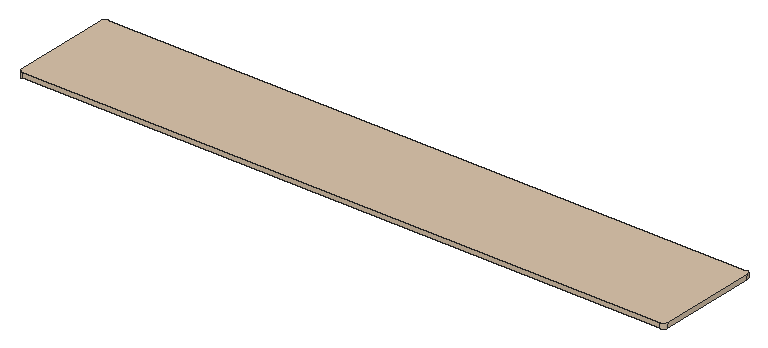
Revit family "Haworth_ActiveComponents_DeskHeightShelf_NEW", category Furniture Systems, Revit 2015
Parameters (values of type "72w")
  Width = 72"
  Warranty = "https://www.haworth.com/resources/product-info/warranties"
  URL - Product = "http://www.haworth.com/products/workspaces/accessories/active-components"
  URL = "http://www.haworth.com/"
  Type Comments = ""
  Min. Width = 12"  # constant formula
  Sustainability Info = "https://www.haworth.com/company-info/sustainability"
  Size = "Verify Final Dim. w/ Haworth"  # constant formula
  Shelf Finish [instance] = Haworth _ Wood _ White Oak
  Revision Number = "1"  # constant formula
  Mounted Height = 29"  # constant formula
  Model = "AUSN"  # constant formula
  Max. Width = 72"  # constant formula
  Manufacturer = "Haworth"  # constant formula
  Description = "Haworth - Active Components - Desk Height Shelf - 72w"
  Author = "Haworth (Alias)"  # constant formula
  Assembly Code = "E2020200"
  Actual Width = if(Width < Min. Width, Min. Width, if(Width > Max. Width, Max. Width, Width))  # 72"
  Actual Height = 1/2"  # constant formula
  Actual Depth = 12"  # constant formula
Reference planes (in)
  plane 1 "Back": y = 19.5
  plane 2: z = 0
  plane 3 "Center L/R": x = -9
  plane 4 "Front": y = 7.5
  plane 5 "Top": z = 29
  plane 6 "Bottom of Cabinet": z = 0
  plane 7 "Center FB": y = 13.5
  plane 8 "Left": x = -45
  plane 9 "Right": x = 27
  plane 10: z = 29.5
Forms (in)
  Extrusion 1, solid, material "Haworth _ Wood _ White Oak" <- "Shelf Finish"
    sketch origin (0, 0, 0) x (1, 0, 0) y (0, 1, 0)
      loop
        arc (-44.5, 19.5) -> (-44.85355, 19.35355) -> (-45, 19) r 0.5
        line (-45, 19) -> (-45, 8)
        arc (-45, 8) -> (-44.85355, 7.64645) -> (-44.5, 7.5) r 0.5
        line (-44.5, 7.5) -> (26.5, 7.5)
        arc (26.5, 7.5) -> (26.85355, 7.64645) -> (27, 8) r 0.5
        line (27, 8) -> (27, 19)
        arc (27, 19) -> (26.85355, 19.35355) -> (26.5, 19.5) r 0.5
        line (26.5, 19.5) -> (-44.5, 19.5)
    from 29 to 29.5
Lines and regions (in)
  Masking region 1
    outline origin (-46, 74.25, 0) x (1, 0, 0) y (0, 1, 0)
      loop
        arc (1.5, -54.75) -> (1.14645, -54.89645) -> (1, -55.25) r 0.5
        line (1, -55.25) -> (1, -66.25)
        arc (1, -66.25) -> (1.14645, -66.60355) -> (1.5, -66.75) r 0.5
        line (1.5, -66.75) -> (72.5, -66.75)
        arc (72.5, -66.75) -> (72.85355, -66.60355) -> (73, -66.25) r 0.5
        line (73, -66.25) -> (73, -55.25)
        arc (73, -55.25) -> (72.85355, -54.89645) -> (72.5, -54.75) r 0.5
        line (72.5, -54.75) -> (1.5, -54.75)
Dimensions and locks (in)
  "Mounted Height": plane 5 "Top" to level
  "Actual Depth": plane 1 "Back" to plane 4 "Front"
  equal spacing: plane 1 "Back", plane 7 "Center FB", plane 4 "Front"
  equal spacing: plane 8 "Left", plane 3 "Center L/R", plane 9 "Right"
  "Actual Width": plane 8 "Left" to plane 9 "Right"
  "Actual Height": plane 10 to plane 5 "Top"
  aligned and locked: level to plane 2
  aligned and locked: plane 6 "Bottom of Cabinet" to level
  aligned and locked: Extrusion 1 to plane 4 "Front"
  aligned and locked: Masking region 1 to plane 8 "Left"
  aligned and locked: plane 9 "Right" to Masking region 1
  aligned and locked: Masking region 1 to plane 4 "Front"
  aligned and locked: Masking region 1 to plane 1 "Back"
  aligned and locked: Extrusion 1 to plane 5 "Top"
  aligned and locked: plane 10 to Extrusion 1
  aligned and locked: plane 8 "Left" to Masking region 1 sketch curve
  aligned and locked: plane 1 "Back" to Masking region 1 sketch curve
  aligned and locked: plane 4 "Front" to Masking region 1 sketch curve
  aligned and locked: Masking region 1 sketch curve to plane 9 "Right"
  aligned and locked: plane 1 "Back" to Extrusion 1 sketch curve
  aligned and locked: plane 8 "Left" to Extrusion 1 sketch curve
  aligned and locked: plane 4 "Front" to Extrusion 1 sketch curve
  aligned and locked: Extrusion 1 sketch curve to plane 9 "Right"
Automatic sketch dimensions
  Masking region 1 sketch curve to plane 9 "Right" = 1/2"
  plane 1 "Back" to Masking region 1 sketch curve = 1/2"
  plane 8 "Left" to Masking region 1 sketch curve = 1/2"
  Masking region 1 sketch curve to Masking region 1 sketch curve = 1/2"
  plane 8 "Left" to Extrusion 1 sketch curve = 1/2"
  Extrusion 1 sketch curve to Extrusion 1 sketch curve = 1/2"  (x2)
  Extrusion 1 sketch curve to plane 9 "Right" = 1/2"
